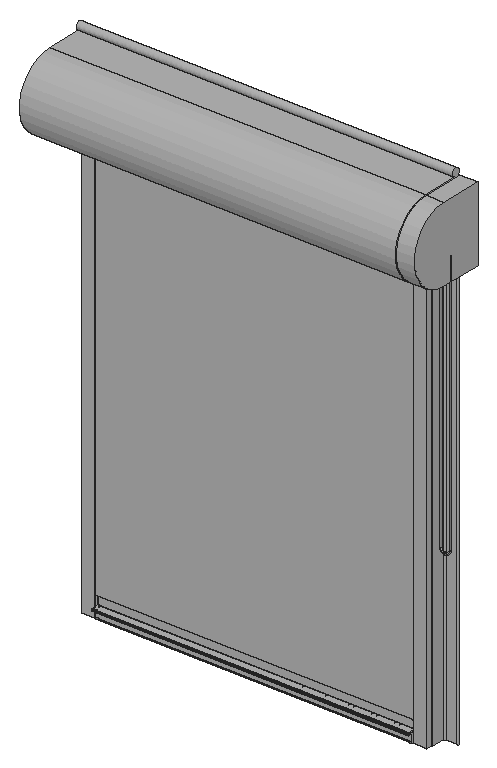
Revit family "Door-Fire_AlarmGard_FaceOfWallMount_Cookson", category Doors, host Wall, Revit 2013
Parameters (values of type "Hand-Chain Operated, Galvanized Steel")
  Sizing Disclaimer = "30’ wide, 30’ high standard construction. Large Openings to 50’ wide, 40’ high up to 1200 sq. ft. consult factory. "  # constant formula
  Seismic Performance Validation = "per ASCE 7-05"  # constant formula
  Revit Object Download Link = "http://cornellcookson.smartbim.com/download/Door_Fire_AlarmGard_FaceOfWallMount_Cookson"
  Motor = no
  Function = Interior
  Curtain 2 5/8" Slat = Galvanized steel (curtain only)
  Chain = yes
  Bottom Bar = Galvanized or powder coated plain steel (non curtain components)
  Guides = Galvanized or powder coated plain steel (non curtain components)
  Hood = Galvanized or powder coated plain steel (non curtain components)
  Mounting = "Face of Wall"  # constant formula
  URL Specifications = "http://www.cooksondoor.com/docs/default-source/Specifications/fire-door-specification_k.doc"
  URL Photographs = "http://www.cooksondoor.com/product/rolling-fire-doors"
  URL CAD = "http://www.cooksondoor.com/architect-tools-and-resources/drawing-generator?prod=fire"
  URL = "http://www.cooksondoor.com/product/rolling-fire-doors"
  Subcategory = "Roll Up"  # constant formula
  Optional Powder Coated Finish, standard RAL colors, Galv. Steel only = no
  Operator = Operator : Hand-Chain
  Representatives Disclaimer = "Cookson products are sold and installed through a nationwide network of independent distributors."  # constant formula
  Distributor Locator = "http://www.cooksondoor.com/find-a-dealer"
  Operation = ""
  From Coil Side Operate on Right = yes
  From Coil Side Operate on Left = not(From Coil Side Operate on Right)  # no
  Model = "ERD10"  # constant formula
  Manufacturer = "CornellCookson,Inc."  # constant formula
  LEED Information = "http://www.cooksondoor.com/architect-tools-and-resources/leed-information"
  Height = 8' - 0"
  Wall Closure = By host
  Width = 6' - 0"
  Guide Height = Height + Drip Extension  # 8' - 3"
  Drip Extension = 0' - 3"
  Description = "Rated physical fire barriers, also security and access control. Not for part of required means of egress."  # constant formula
  Operator Height = Height / 1.5  # 5' - 4"
  Assembly Code = "B2030410"
  95 CSI = "08330"  # constant formula
  Wall Construction = "Masonry or Steel"  # constant formula
  Listings = "UL Classified 4, 3, 1 ½, 1 and ¾ hour labels. Factory Mutual approval listing."  # constant formula
  Smoke Control = "UL leakage rated assembly “S” label available. "  # constant formula
  Windload = "A full range of specific wind load requirements available- consult Cornell. "  # constant formula
  Coil Dimension Note = "14In to 25In -  Consult Cornell when dimensions are critical."  # constant formula
  Jamb Dimension Note = "3 1/2In to  10In wide. Consult Cornell when dimensions are critical."  # constant formula
  04 CSI = "08 33 00"  # constant formula
Types (4): name | Motor | Curtain 2 5/8" Slat | Chain | Bottom Bar | Guides | Hood | Operator
  Hand-Chain Operated, Galvanized Steel | no | Galvanized steel (curtain only) | yes | Galvanized or powder coated plain steel (non curtain components) | Galvanized or powder coated plain steel (non curtain components) | Galvanized or powder coated plain steel (non curtain components) | Operator : Hand-Chain
  Hand-Chain Operated, Stainless Steel | no | Stainless steel (curtain only) | yes | Stainless steel (non-curtain components) | Stainless steel (non-curtain components) | Stainless steel (non-curtain components) | Operator : Hand-Chain
  Motor Operated, Galvanized Steel | yes | Galvanized steel (curtain only) | no | Galvanized or powder coated plain steel (non curtain components) | Galvanized or powder coated plain steel (non curtain components) | Galvanized or powder coated plain steel (non curtain components) | Operator : Motor Operator
  Motor Operated, Stainless Steel | yes | Stainless steel (curtain only) | no | Stainless steel (non-curtain components) | Stainless steel (non-curtain components) | Stainless steel (non-curtain components) | Operator : Motor Operator
Reference planes (in)
  plane 1 "Center (Front/Back)": y = 0
  plane 2 "Center (Left/Right)": x = 0
  plane 3 "Left": x = -36
  plane 4 "Right": x = 36
  plane 5 "Top": z = 96
  plane 6 "Wall Edge": y = -3
  plane 7 "Left Edge of Hood": x = -42.75
  plane 8: x = -41.50126
  plane 9: y = -3
  plane 10 "Right Edge of Hood": x = 42.75
  plane 11: x = 41.5
  plane 12 "Top of Hood": z = 116
  plane 13: y = -21
  plane 14: x = 31.5
  plane 15: z = 99
  plane 16 "Bottom Bar Alignment": y = -6.9375
  plane 17 "Bottom Bar Left": x = -39.25126
  plane 18 "Bottom Bar Right": x = 39.25126
  plane 19: z = 4.39975
  plane 20: y = -11.5
  plane 21: z = 107.5
  plane 22: y = -11.5
  plane 23: x = 39.25126
  plane 24: x = 44.875
  plane 25: x = 47
  plane 26: x = 42.75
  plane 27: x = -44.875
  plane 28: x = -47
Forms (in)
  Sweep 1, solid, material "Galvanized or powder coated plain steel (non curtain components)" <- "Hood"
    path origin (0, -3, 0) x (-1, 0, 0) y (0, 0, 1)
      loop
        line (-42.75, 99) -> (42.75, 99)
    profile "Profile_Hood : Profile_Hood" origin (0, -3, 99) x (0, 0, 1) y (0, 1, 0)
      loop
        line (17.00521, 0) -> (0, 0) -> (0, -9.04441)
        arc (0, -9.04441) -> (-1.75191, -9.2722) -> (0, -9.5) r 0.89077
        arc (0, -9.5) -> (8.5, -18) -> (17, -9.5) r 8.5
        line (17, -9.5) -> (17, -1.09786)
        arc (17, -1.09786) -> (18.75706, -0.90144) -> (17.00521, -0.66297) r 0.89077
        line (17.00521, -0.66297) -> (17.00521, 0)
  Extrusion 2, solid, material "Galvanized steel (curtain only)" <- "Curtain 2 5/8" Slat"
    sketch origin (0, 0, 0) x (1, 0, 0) y (0, 1, 0)
      loop
        line (-38.37626, -6.625) -> (-38.37626, -7.25) -> (38.375, -7.25) -> (38.375, -6.625) -> (-38.37626, -6.625)
    from 4.39975 to 99
  Sweep 3, solid, material "Galvanized or powder coated plain steel (non curtain components)" <- "Guides"
    path origin (-0.75, -6.9375, 0) x (1, 0, 0) y (0, 0, 1)
      loop
        line (36.75, 0) -> (-35.25, 0)
    profile "Profile_BottomBar : Profile_BottomBar" origin (0, -6.9375, 0) x (0, 0, -1) y (0, -1, 0)
      loop
        arc (-2.58725, -0.14) -> (-2.54306, -0.15831) -> (-2.52475, -0.2025) r 0.0625
        line (-2.52475, -0.2025) -> (-2.52475, -1.9525)
        arc (-2.52475, -1.9525) -> (-2.50644, -1.99669) -> (-2.46225, -2.015) r 0.0625
        line (-2.46225, -2.015) -> (-2.39975, -2.015) -> (-2.39975, -0.015) -> (-2.33875, -0.015) -> (-2.33875, -0.157)
        arc (-2.33875, -0.157) -> (-2.24825, -0.2475) -> (-2.15775, -0.157) r 0.0905
        line (-2.15775, -0.157) -> (-2.15775, -0.0625) -> (-2.09375, -0.0625) -> (-2.09375, -1.84625) -> (-1.96875, -1.84625) -> (-1.96875, -1.09625)
        arc (-1.96875, -1.09625) -> (-1.93214, -1.00786) -> (-1.84375, -0.97125) r 0.125
        line (-1.84375, -0.97125) -> (-0.25, -0.97125)
        arc (-0.25, -0.97125) -> (-0.07322, -0.89803) -> (0, -0.72125) r 0.25
        line (0, -0.72125) -> (0, 0.77875)
        arc (0, 0.77875) -> (-0.07322, 0.95553) -> (-0.25, 1.02875) r 0.25
        line (-0.25, 1.02875) -> (-1.84375, 1.02875)
        arc (-1.84375, 1.02875) -> (-1.93214, 1.06536) -> (-1.96875, 1.15375) r 0.125
        line (-1.96875, 1.15375) -> (-1.96875, 1.90375) -> (-2.09375, 1.90375) -> (-2.09375, 0.0625) -> (-2.15775, 0.0625) -> (-2.15775, 0.157)
        arc (-2.15775, 0.157) -> (-2.24825, 0.2475) -> (-2.33875, 0.157) r 0.0905
        line (-2.33875, 0.157) -> (-2.33875, 0.015) -> (-2.39975, 0.015) -> (-2.39975, 2.015) -> (-2.46225, 2.015)
        arc (-2.46225, 2.015) -> (-2.50644, 1.99669) -> (-2.52475, 1.9525) r 0.0625
        line (-2.52475, 1.9525) -> (-2.52475, 0.2025)
        arc (-2.52475, 0.2025) -> (-2.54306, 0.15831) -> (-2.58725, 0.14) r 0.0625
        line (-2.58725, 0.14) -> (-4.33725, 0.14)
        arc (-4.33725, 0.14) -> (-4.38144, 0.12169) -> (-4.39975, 0.0775) r 0.0625
        line (-4.39975, 0.0775) -> (-4.39975, -0.0775)
        arc (-4.39975, -0.0775) -> (-4.38144, -0.12169) -> (-4.33725, -0.14) r 0.0625
        line (-4.33725, -0.14) -> (-2.58725, -0.14)
Lines and regions (in)
  Opening 1
    outline origin (-90, -3, 0) x (1, 0, 0) y (0, 0, 1)
      loop
        line (54, 0) -> (126, 0) -> (126, 96) -> (54, 96) -> (54, 0)
  symbolic lines, style "Doors"
    curve 1: line (38.375, -6.625, 0) -> (-38.37626, -6.625, 0)
    curve 2: line (-38.37626, -6.625, 0) -> (-38.37626, -7.25, 0)
    curve 3: line (-38.37626, -7.25, 0) -> (38.375, -7.25, 0)
    curve 4: line (38.375, -7.25, 0) -> (38.375, -6.625, 0)
    curve 5: line (36, -4.9225, 0) -> (-36, -4.9225, 0)
    curve 6: line (36, -8.9525, 0) -> (36, -7.25, 0)
    curve 7: line (-36, -8.9525, 0) -> (36, -8.9525, 0)
    curve 8: line (-36, -4.9225, 0) -> (-36, -6.625, 0)
    curve 9: line (36, -6.625, 0) -> (36, -4.9225, 0)
    curve 10: line (-36, -7.25, 0) -> (-36, -8.9525, 0)
Text (in)
  text "Exterior" at (-74.96733, 27.31104, 0), in view "Ref. Level"
  text "Interior" at (-74.96733, -25.14366, 0), in view "Ref. Level"
  text "Exterior" at (0, 40.15149, 123.01588), in view "Right"
  text "Interior" at (0, -64.39139, 123.01588), in view "Right"
  text "Interior" at (0, -63.63426, 123.00693), in view "Left"
  text "Exterior" at (0, 54.57065, 123.00693), in view "Left"
Dimensions and locks (in)
  equal spacing: plane 3 "Left", plane 2 "Center (Left/Right)", plane 4 "Right"
  "Height": level to plane 5 "Top"
  "Width": plane 3 "Left" to plane 4 "Right"
  locked: plane 7 "Left Edge of Hood" to plane 3 "Left" at 6.75
  locked: plane 9 to plane 6 "Wall Edge"
  locked: plane 10 "Right Edge of Hood" to plane 4 "Right" at 6.75
  locked: plane 4 "Right" to plane 11 at 5.5
  locked: plane 9 to plane 13 at 18
  locked: plane 8 to plane 3 "Left" at 5.50126
  locked: nested 1 to Extrusion 2 sketch curve at 0.625
  locked: Extrusion 2 sketch curve to nested 1 at 0.1875
  locked: Extrusion 2 sketch curve to nested 2 at 0.625
  locked: Extrusion 2 sketch curve to Extrusion 2 sketch curve at 0.625
  "Drip Extension": plane 15 to plane 5 "Top"
  locked: plane 16 "Bottom Bar Alignment" to plane 9 at 3.9375
  locked: plane 17 "Bottom Bar Left" to plane 3 "Left" at 3.25126
  locked: plane 4 "Right" to plane 18 "Bottom Bar Right" at 3.25126
  locked: level to plane 19 at 4.39975
  plane 12 "Top of Hood" to plane 15 = 1' - 5"
  equal spacing: plane 12 "Top of Hood", plane 21, plane 15
  locked: host wall to plane 22 at 8.5
  equal spacing: plane 25, plane 24, plane 26
  locked: plane 26 to plane 23 at 3.49874
  locked: plane 26 to plane 11 at 1.25
  locked: plane 25 to plane 26 at 4.25
  plane 28 to plane 27 = 0' - 2 1/8"
  locked: plane 27 to plane 8 at 3.37374
  Sweep 1 to plane 15 = 1' - 5"
  aligned and locked: plane 3 "Left" to Opening 1 sketch curve
  aligned and locked: plane 5 "Top" to Opening 1 sketch curve  (x2)
  aligned and locked: Opening 1 sketch curve to plane 4 "Right"
  aligned and locked: Opening 1 sketch curve to level
  aligned and locked: plane 6 "Wall Edge" to host wall
  aligned and locked: nested 1 to plane 9
  aligned and locked: nested 1 to plane 8
  aligned and locked: plane 11 to nested 2
  aligned and locked: plane 9 to nested 2
  aligned and locked: plane 7 "Left Edge of Hood" to Sweep 1 sketch curve
  aligned and locked: plane 10 "Right Edge of Hood" to Sweep 1 sketch curve
  aligned and locked: Sweep 1 sketch curve to plane 15
  aligned and locked: level to Sweep 3 sketch curve
  aligned and locked: plane 4 "Right" to Sweep 3 sketch curve
  aligned and locked: plane 3 "Left" to Sweep 3 sketch curve
  aligned and locked: Extrusion 2 to Sweep 3
  aligned and locked: plane 15 to Extrusion 2
  aligned and locked: plane 12 "Top of Hood" to Sweep 1
  aligned and locked: plane 22 to plane 20
  aligned and locked: nested 3 to plane 2 "Center (Left/Right)"
  aligned and locked: nested 3 to plane 13
  aligned and locked: nested 3 to plane 12 "Top of Hood"
  aligned and locked: level to nested 2
  aligned and locked: nested 1 to level
  aligned and locked: curve 1 to Extrusion 2
  aligned and locked: curve 2 to Extrusion 2
  aligned and locked: curve 3 to Extrusion 2
  aligned and locked: curve 4 to Extrusion 2
  aligned and locked: curve 6 to Sweep 3
  aligned and locked: Sweep 3 to curve 7
  aligned and locked: curve 8 to Sweep 3
Automatic sketch dimensions
  plane 17 "Bottom Bar Left" to curve 3 = 0' - 0 7/8"
  plane 18 "Bottom Bar Right" to curve 4 = 0' - 0.87626"
  curve 2 to plane 16 "Bottom Bar Alignment" = 0' - 0 5/16"
  host wall to curve 5 = 0' - 1.9225"
  plane 16 "Bottom Bar Alignment" to curve 6 = 0' - 0 5/16"
  curve 10 to plane 3 "Left" = 0' - 0"
  plane 16 "Bottom Bar Alignment" to curve 10 = 0' - 0 5/16"
  curve 9 to plane 4 "Right" = 0' - 0"
  curve 9 to plane 16 "Bottom Bar Alignment" = 0' - 0 5/16"
Nested families (in)
  nested 1: "Guide-Wall" at (-41.50126, -3, 0), type "Guide"
  nested 2: "Guide-Wall" at (41.5, -3, 0) x (-1, 0, 0) z (0, 0, 1), type "Guide"
  nested 3: "Operator" at (0, -3, 43.50391), type <- "Operator", type "Hand-Chain"
Definition of nested family "Guide-Wall"
  Parameters (values of type "Guide")
    Height = 8' - 3"
    Guide = Galvanized or powder coated plain steel (non curtain components)
    Assembly Code = ""
  Reference planes (in)
    plane 1 "Center (Front/Back)": y = 0
    plane 2: z = 0
    plane 3 "Center (Left/Right)": x = 0
    plane 4: z = 99
    plane 5 "Center Line": x = 4.5
    plane 6: y = -0.25
    plane 7: y = -3.75
    plane 8: y = -3.5
  Forms (in)
    Extrusion 1, solid, material "Galvanized or powder coated plain steel (non curtain components)" <- "Guide"
      sketch origin (0, 0, 0) x (1, 0, 0) y (0, 1, 0)
        loop
          line (-1, -0.25) -> (1.625, -0.25)
          arc (1.625, -0.25) -> (1.89017, -0.35983) -> (2, -0.625) r 0.375
          line (2, -0.625) -> (2, -3.25)
          arc (2, -3.25) -> (2.07322, -3.42678) -> (2.25, -3.5) r 0.25
          line (2.25, -3.5) -> (2.25, -4.75) -> (5.25, -4.75)
          arc (5.25, -4.75) -> (5.17678, -4.57322) -> (5, -4.5) r 0.25
          line (5, -4.5) -> (2.875, -4.5)
          arc (2.875, -4.5) -> (2.60983, -4.39017) -> (2.5, -4.125) r 0.375
          line (2.5, -4.125) -> (2.5, -3.062) -> (4, -3.062) -> (4, -3.4375) -> (4.75, -3.4375) -> (4.75, -3.062) -> (5.5, -3.062)
          arc (5.5, -3.062) -> (5.44508, -2.92942) -> (5.3125, -2.8745) r 0.1875
          line (5.3125, -2.8745) -> (3, -2.8745)
          arc (3, -2.8745) -> (2.77903, -2.78297) -> (2.6875, -2.562) r 0.3125
          line (2.6875, -2.562) -> (2.6875, -1.2495)
          arc (2.6875, -1.2495) -> (2.63258, -1.11692) -> (2.5, -1.062) r 0.1875
          line (2.5, -1.062) -> (2.5, -1.5)
          arc (2.5, -1.5) -> (2.42678, -1.32322) -> (2.25, -1.25) r 0.25
          line (2.25, -1.25) -> (2.25, 0) -> (-1.25, 0)
          arc (-1.25, 0) -> (-1.17678, -0.17678) -> (-1, -0.25) r 0.25
      from 0 to 99
  Lines and regions (in)
    symbolic lines
      curve 1: line (2.25, 0, 0) -> (2.25, -4.75, 0)
      curve 2: line (2.5, -3.5, 0) -> (2.5, -1.5, 0)
      curve 3: line (4, -3.062, 0) -> (4.75, -3.062, 0)
    symbolic lines, style "GenericModel"
      curve 4: line (2.25, 0, 0) -> (-1.25, 0, 0)
      curve 5: line (-1, -0.25, 0) -> (1.625, -0.25, 0)
      curve 6: arc (-1.25, 0, 0) -> (-1.17678, -0.17678, 0) -> (-1, -0.25, 0) r 0.25
      curve 7: arc (1.625, -0.25, 0) -> (1.89017, -0.35983, 0) -> (2, -0.625, 0) r 0.375
      curve 8: line (2, -0.625, 0) -> (2, -3.25, 0)
      curve 9: arc (2, -3.25, 0) -> (2.07322, -3.42678, 0) -> (2.25, -3.5, 0) r 0.25
      curve 10: line (2.5, -3.062, 0) -> (4, -3.062, 0)
      curve 11: line (4.75, -3.062, 0) -> (5.5, -3.062, 0)
      curve 12: line (4, -3.4375, 0) -> (4.75, -3.4375, 0)
      curve 13: line (4, -3.062, 0) -> (4, -3.4375, 0)
      curve 14: line (4.75, -3.4375, 0) -> (4.75, -3.062, 0)
      curve 15: line (5.3125, -2.8745, 0) -> (3, -2.8745, 0)
      curve 16: arc (5.5, -3.062, 0) -> (5.44508, -2.92942, 0) -> (5.3125, -2.8745, 0) r 0.1875
      curve 17: arc (3, -2.8745, 0) -> (2.77903, -2.78297, 0) -> (2.6875, -2.562, 0) r 0.3125
      curve 18: line (2.6875, -2.562, 0) -> (2.6875, -1.2495, 0)
      curve 19: arc (2.6875, -1.2495, 0) -> (2.63258, -1.11692, 0) -> (2.5, -1.062, 0) r 0.1875
      curve 20: line (2.5, -1.062, 0) -> (2.5, -1.5, 0)
      curve 21: arc (2.5, -1.5, 0) -> (2.42678, -1.32322, 0) -> (2.25, -1.25, 0) r 0.25
      curve 22: line (2.25, -1.25, 0) -> (2.25, 0, 0)
      curve 23: line (2.25, -4.75, 0) -> (5.25, -4.75, 0)
      curve 24: arc (2.875, -4.5, 0) -> (2.60983, -4.39017, 0) -> (2.5, -4.125, 0) r 0.375
      curve 25: line (2.5, -4.125, 0) -> (2.5, -3.062, 0)
      curve 26: arc (5.25, -4.75, 0) -> (5.17678, -4.57322, 0) -> (5, -4.5, 0) r 0.25
      curve 27: line (2.25, -4.75, 0) -> (5.25, -4.75, 0)
      curve 28: line (5, -4.5, 0) -> (2.875, -4.5, 0)
  Dimensions and locks (in)
    "Height": plane 4 to plane 2
    locked: plane 3 "Center (Left/Right)" to plane 5 "Center Line" at 4.5
    aligned and locked: plane 2 to level
    aligned and locked: plane 1 "Center (Front/Back)" to Extrusion 1 sketch curve
    aligned and locked: plane 6 to Extrusion 1
    aligned and locked: plane 4 to Extrusion 1
    aligned and locked: curve 1 to Extrusion 1
    aligned and locked: plane 8 to curve 2
    aligned and locked: Extrusion 1 to curve 2
    aligned and locked: Extrusion 1 to curve 3
    aligned and locked: curve 4 to Extrusion 1
    aligned and locked: curve 6 to Extrusion 1
    aligned and locked: curve 7 to Extrusion 1
    aligned and locked: curve 9 to Extrusion 1
    aligned and locked: curve 10 to Extrusion 1
    aligned and locked: curve 11 to Extrusion 1
    aligned and locked: curve 12 to Extrusion 1
    aligned and locked: curve 13 to Extrusion 1
    aligned and locked: curve 14 to Extrusion 1
    aligned and locked: curve 16 to Extrusion 1
    aligned and locked: curve 17 to Extrusion 1
    aligned and locked: curve 19 to Extrusion 1
    aligned and locked: curve 20 to Extrusion 1
    aligned and locked: curve 21 to Extrusion 1
    aligned and locked: curve 22 to Extrusion 1
    aligned and locked: curve 24 to Extrusion 1
    aligned and locked: curve 26 to Extrusion 1
    aligned and locked: curve 27 to Extrusion 1
  Automatic sketch dimensions
    Extrusion 1 sketch curve to plane 8 = 0' - 0"
    plane 5 "Center Line" to Extrusion 1 sketch curve = 0' - 0 3/4"
    plane 7 to Extrusion 1 sketch curve = 0' - 1"
    Extrusion 1 sketch curve to Extrusion 1 sketch curve = 0' - 0 1/4"  (x4)
    Extrusion 1 sketch curve to Extrusion 1 sketch curve = 0' - 0 3/8"
    plane 5 "Center Line" to Extrusion 1 sketch curve = 0' - 1"
    Extrusion 1 sketch curve to Extrusion 1 sketch curve = 0' - 0 3/16"  (x2)
    Extrusion 1 sketch curve to Extrusion 1 sketch curve = 0' - 0 5/16"
    Extrusion 1 sketch curve to Extrusion 1 sketch curve = 0' - 2.2505"
    plane 3 "Center (Left/Right)" to Extrusion 1 sketch curve = 0' - 1 5/8"
    Extrusion 1 sketch curve to Extrusion 1 sketch curve = 0' - 0 5/8"
    Extrusion 1 sketch curve to Extrusion 1 sketch curve = 0' - 1 3/4"
    Extrusion 1 sketch curve to plane 6 = 0' - 0"
    Extrusion 1 sketch curve to plane 6 = 0' - 0 3/8"
    Extrusion 1 sketch curve to plane 3 "Center (Left/Right)" = 0' - 1"
    Extrusion 1 sketch curve to plane 8 = 0' - 0 1/16"
    Extrusion 1 sketch curve to plane 5 "Center Line" = 0' - 0 1/2"
    Extrusion 1 sketch curve to Extrusion 1 sketch curve = 0' - 0.3755"  (x2)
    plane 5 "Center Line" to Extrusion 1 sketch curve = 0' - 0 1/4"
    curve 22 to curve 21 = 0' - 0"
Definition of nested family "Operator"
  Parameters (values of type "Hand-Chain")
    Width = 6' - 0"
    Straight = yes
    Right Visibility = yes
    Operator Height = 5' - 4"
    Motor Visibility = not(Motor)  # yes
    Motor = no
    Material = Galvanized or powder coated plain steel (non curtain components)
    Left Visibility = no
    Chain = yes
    Bottom Bar = Galvanized or powder coated plain steel (non curtain components)
    Assembly Code = ""
  Types (2): name | Straight | Motor Visibility | Motor | Chain
    Hand-Chain | yes | yes | no | yes
    Motor Operator | no | no | yes | no
  Reference planes (in)
    plane 1 "Center (Front/Back)": y = 0
    plane 2: z = 0
    plane 3 "Center (Left/Right)": x = 0
    plane 4: x = 36
    plane 5: x = -36
    plane 6: x = 42.75
    plane 7: x = -42.75
    plane 8: y = -18
  Lines and regions (in)
    symbolic lines, style "GenericModelHiddenLines", visible <- "Left Visibility"
      curve 1: line (-21.75, -18, 0) -> (42.75, -18, 0)
    symbolic lines, style "GenericModelHiddenLines", visible <- "Right Visibility"
      curve 2: line (-42.75, -18, 0) -> (21.75, -18, 0)
    symbolic lines, style "GenericModelHiddenLines", visible <- "Straight"
      curve 3: line (-42.75, -18, 0) -> (42.75, -18, 0)
    symbolic lines, style "GenericModelHiddenLines", visible <- "Motor Visibility"
      curve 4: line (-42.75, -18, 0) -> (42.75, -18, 0)
    symbolic lines, style "GenericModelHiddenLines"
      curve 5: line (-42.75, -18, 0) -> (-42.75, 0, 0)
      curve 6: line (42.75, 0, 0) -> (42.75, -18, 0)
  Dimensions and locks (in)
    equal spacing: plane 5, plane 3 "Center (Left/Right)", plane 4
    "Width": plane 5 to plane 4
    locked: plane 4 to plane 6 at 6.75
    locked: plane 7 to plane 5 at 6.75
    locked: plane 1 "Center (Front/Back)" to plane 8 at 18
    aligned and locked: plane 8 to nested 1
    aligned and locked: nested 2 to plane 8
    aligned and locked: nested 2 to plane 7
    aligned and locked: nested 1 to plane 6
    aligned and locked: nested 2 to curve 1
    aligned and locked: plane 6 to curve 1
    aligned and locked: nested 1 to curve 2
    aligned and locked: curve 1 to plane 8
    aligned and locked: curve 3 to plane 8
    aligned and locked: plane 1 "Center (Front/Back)" to curve 6
    aligned and locked: plane 8 to curve 6
    aligned and locked: curve 6 to plane 6
    aligned and locked: plane 1 "Center (Front/Back)" to curve 5
    aligned and locked: curve 5 to plane 7
  Nested families (in)
    nested 1: "Pull-Down-Pole" at (48.625, -8.5, 0), visible <- "Right Visibility", type "Right Operator"
      with Motor no, Chain yes
    nested 2: "Pull-Down-Pole" at (-48.625, -8.5, 0) x (-1, 0, 0) z (0, 0, 1), visible <- "Left Visibility", type "Left Operator"
      with Motor no, Chain yes
  Definition of nested family "Pull-Down-Pole"
    Parameters (values of type "Left Operator")
      Motor = yes
      Material = Galvanized or powder coated plain steel (non curtain components)
      Height = 5' - 4"
      Chain = no
      Bottom Bar = Galvanized or powder coated plain steel (non curtain components)
      Assembly Code = ""
    Types (2): name
      Left Operator
      Right Operator
    Reference planes (in)
      plane 1 "Center (Front/Back)": y = 0
      plane 2: z = 0
      plane 3 "Center (Left/Right)": x = 0
      plane 4: z = 64
      plane 5: y = -9.5
      plane 6: y = -20.875
    Forms (in)
      Extrusion 1, solid, material "Galvanized or powder coated plain steel (non curtain components)" <- "Material", visible <- "Motor"
        sketch origin (0, 0, 0) x (1, 0, 0) y (0, 0, 1)
          loop
            line (-26.875, 72.49609) -> (-26.875, 55.49609) -> (-5.875, 55.49609) -> (-5.875, 72.49609) -> (-26.875, 72.49609)
        from 9.5 to 20.875
      Sweep 2, solid, material "Galvanized or powder coated plain steel (non curtain components)" <- "Material", visible <- "Chain"
        path origin (0, 2, 0) x (1, 0, 0) y (0, 0, 1)
          loop
            line (-4.875, 64) -> (-4.875, 0)
            arc (-4.875, 0) -> (-3.75, -1.125) -> (-2.625, 0) r 1.125
            line (-2.625, 0) -> (-2.625, 64)
        profile origin (-4.875, 2, 32) x (0, -1, 0) y (1, 0, 0)
          loop
            circle (0, 0) r 0.15023
      Extrusion 3, solid, material "Galvanized or powder coated plain steel (non curtain components)" <- "Bottom Bar", visible <- "Chain"
        sketch origin (54.75, -180, 27.39089) x (0, 0, 1) y (0, -1, 0)
          loop
            line (45.10911, -188.5) -> (45.10911, -179)
            arc (45.10911, -179) -> (36.60911, -170.5) -> (28.10911, -179) r 8.5
            line (28.10911, -179) -> (28.10911, -188.5) -> (45.10911, -188.5)
        from -56.375 to -60.625
    Lines and regions (in)
      symbolic lines, style "GenericModelHiddenLines", visible <- "Motor"
        curve 1: line (-26.875, -20.875, 0) -> (-26.875, -9.5, 0)
        curve 2: line (-26.875, -20.875, 0) -> (-5.875, -20.875, 0)
        curve 3: line (-5.875, -20.875, 0) -> (-5.875, -9.5, 0)
    Dimensions and locks (in)
      "Height": plane 4 to level
      locked: plane 3 "Center (Left/Right)" to Extrusion 1 sketch curve at 5.875
      locked: Extrusion 1 sketch curve to Extrusion 1 sketch curve at 21
      locked: plane 4 to Extrusion 1 sketch curve at 8.50391
      locked: Extrusion 1 sketch curve to plane 4 at 8.49609
      locked: plane 1 "Center (Front/Back)" to plane 5 at 9.5
      locked: plane 5 to plane 6 at 11.375
      locked: Sweep 2 sketch curve to Extrusion 1 at 1
      aligned and locked: plane 5 to Extrusion 1
      aligned and locked: plane 6 to Extrusion 1
      aligned and locked: level to Sweep 2 sketch curve
      aligned and locked: plane 4 to Sweep 2 sketch curve  (x2)
      aligned and locked: plane 5 to curve 1
      aligned and locked: plane 5 to curve 3
      aligned and locked: plane 6 to curve 3
      aligned and locked: Extrusion 1 to curve 2
      aligned and locked: plane 6 to curve 2
      aligned and locked: curve 1 to Extrusion 1
    Automatic sketch dimensions
      Sweep 2 sketch curve to plane 1 "Center (Front/Back)" = 0' - 2"
      Sweep 2 sketch curve to profile plane = 0' - 0"
      Sweep 2 sketch curve to Sweep 2 sketch curve = 0' - 1 1/8"
      Extrusion 3 sketch curve to plane 4 = 0' - 0"
      plane 1 "Center (Front/Back)" to Extrusion 3 sketch curve = 0' - 1"
      plane 4 to Extrusion 3 sketch curve = 0' - 8 1/2"
      Extrusion 3 sketch curve to plane 1 "Center (Front/Back)" = 0' - 8 1/2"
      radius of Sweep 2 sketch curve = 0' - 0.15023"
